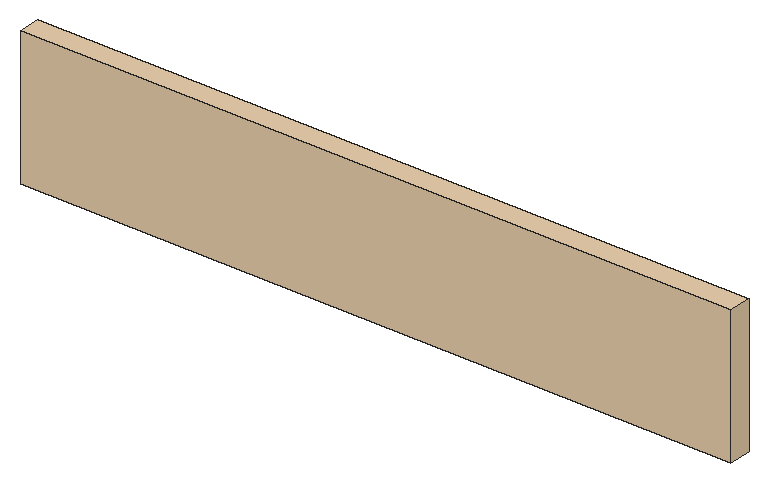
Revit family "061100 - Wood Framing", category Structural Framing, Revit 2020
Family settings
  Structural Framing Length Roundoff = 0' - 0"
  Section Shape = Not Defined
  Material for Model Behavior = Wood
  Always export as geometry = No
  OmniClass Number = 23.25.30.11.14.14
  OmniClass Title = Beams
  Always vertical = Yes
  Cut with Voids When Loaded = No
  Symbolic Representation = From Project Settings
  Shared = No
  Show family pre-cut in plan views = Yes
Parameters (values of type "2x10 - BEAM")
  Structural Material = (3) SISTERED 2X10s AT BEAM
  A = 10.88 in²
  Assembly Code = "B10"
  Length [instance] = 5' - 0"
  b = 0' - 1 1/2"
  d = 0' - 9 1/4"
Types (10): name | Structural Material | A | b | d
  2x10 - BEAM | (3) SISTERED 2X10s AT BEAM | 10.88 in² | 0' - 1 1/2" | 0' - 9 1/4"
  2x10 - LEDGER | TREATED 2X10 RIM JOIST | 13.88 in² | 0' - 1 1/2" | 0' - 9 1/4"
  2x10 - RIM JOIST | TREATED 2X10 RIM JOIST | 13.88 in² | 0' - 1 1/2" | 0' - 9 1/4"
  (2)2X8 - JOIST | 2X JOISTS - SIZE T.B.D. | 10.88 in² | 0' - 3" | 0' - 7 1/4"
  (3)2X12 - HEADER | 2X JOISTS - SIZE T.B.D. | 10.88 in² | 0' - 4 1/2" | 0' - 11 1/4"
  2X12 - JOIST | 2X JOISTS - SIZE T.B.D. | 10.88 in² | 0' - 1 1/2" | 0' - 11 1/4"
  2X10 - JOIST | 2X JOISTS - SIZE T.B.D. | 10.88 in² | 0' - 1 1/2" | 0' - 9 1/4"
  2X8 - JOIST | 2X JOISTS - SIZE T.B.D. | 10.88 in² | 0' - 1 1/2" | 0' - 7 1/4"
  2x6 - JOIST | 2X JOISTS - SIZE T.B.D. | 10.88 in² | 0' - 1 1/2" | 0' - 5 1/2"
  2X4 - JOIST | 2X JOISTS - SIZE T.B.D. | 10.88 in² | 0' - 1 1/2" | 0' - 3 1/2"
Reference planes (in)
  plane 1 "Center (Front/Back)": y = 0
  plane 2: z = 0
  plane 3 "Center (Left/Right)": x = 0.1815
  plane 4 "Member Left": x = -23.8185
  plane 5 "Member Right": x = 24.1815
  plane 6: y = 0.75
  plane 7: y = -0.75
  plane 8: z = 4.625
  plane 9: z = -4.625
  plane 10 "Left": x = -29.8185
  plane 11 "Stick Symbol Left": x = -17.8185
  plane 12 "Stick Symbol Right": x = 18.1815
  plane 13 "Right": x = 30.1815
Forms (in)
  Sweep 1, solid, material "(3) SISTERED 2X10s AT BEAM" <- "Structural Material", detail levels medium+fine
    path origin (0, 0, 0) x (1, 0, 0) y (0, 1, 0)
      loop
        line (24.1815, 0) -> (-23.8185, 0)
    profile "Rectangular Wood Beam-Profile : Rectangular Wood Beam-Profile" origin (0.1815, 0, 0) x (0, -1, 0) y (0, 0, 1)
      loop
        line (-0.75, -4.625) -> (0.75, -4.625) -> (0.75, 4.625) -> (-0.75, 4.625) -> (-0.75, -4.625)
Lines and regions (in)
  symbolic lines, style "Stick Symbols", detail levels coarse
    curve 1: line (0.1815, 0.75, 4.625) -> (0.1815, -0.75, 4.625)
    curve 2: line (0.1815, -0.75, -4.625) -> (0.1815, 0.75, -4.625)
    curve 3: line (0.1815, -0.75, 4.625) -> (0.1815, -0.75, -4.625)
    curve 4: line (0.1815, 0.75, -4.625) -> (0.1815, 0.75, 4.625)
Dimensions and locks (in)
  "b": plane 6 to plane 7
  "d": plane 9 to plane 8
  equal spacing: plane 9, plane 2, plane 8
  equal spacing: plane 6, plane 1 "Center (Front/Back)", plane 7
  "Length": plane 10 "Left" to plane 13 "Right"
  aligned and locked: Sweep 1 sketch curve to plane 1 "Center (Front/Back)"
  aligned and locked: curve 1 to Sweep 1
  aligned and locked: curve 2 to Sweep 1
  aligned and locked: curve 3 to Sweep 1
  aligned and locked: curve 4 to Sweep 1
  aligned and locked: plane 4 "Member Left" to Sweep 1 sketch curve
  aligned and locked: plane 5 "Member Right" to Sweep 1 sketch curve
